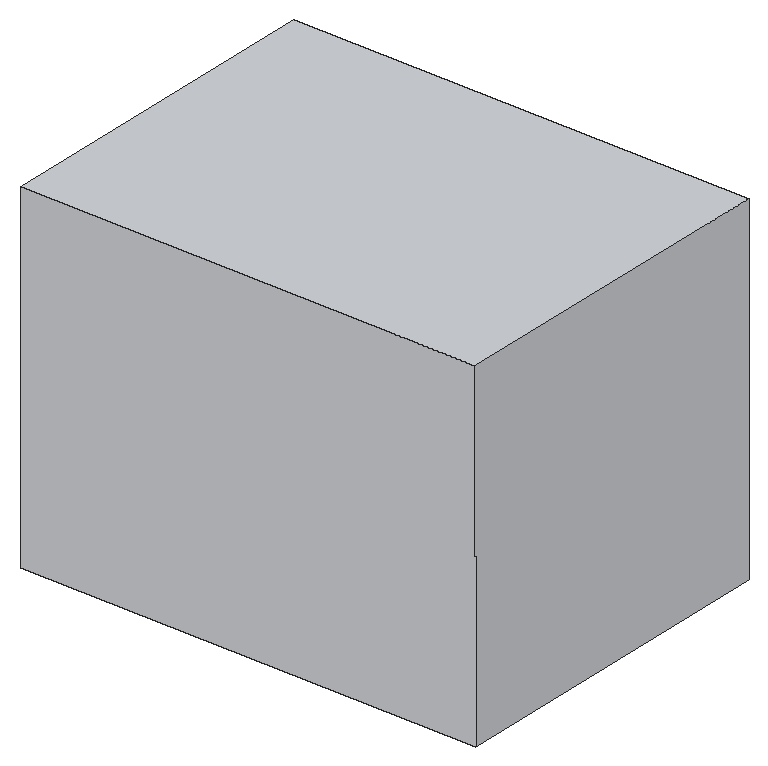
Revit family "M_Encaixe de duto retangular", category Conexões de duto, Revit 2019
Family settings
  Cota do conector redondo = Utilizar diâmetro
  Tipo de parte = Derivação - Ajustável
  Número OmniClass = 23.75.70.14
  Título OmniClass = Air Ductwork
  ID de item do Seek = Rectangular Takeoff-0000-CAN-ENU
  Com base no plano de trabalho = Não
  Sempre na vertical = Sim
  Corte com vazios quando carregada = Não
  Compartilhado = Não
Parameters (values of type "Padrão")
  Largura do duto 2 [instance] = 304.8 mm
  Largura do duto 1 [instance] = Largura do duto 2  # 304.8 mm
  built-in parameter 1114215 [instance] = if(Largura do duto 2 > 406.4 mm, Largura do duto 2 * Multiplicador de comprimento, 101.6 mm)  # 0.33333 (stored number, unit not read)
  Multiplicador de comprimento [instance] = 0.25
  Altura do duto 2 [instance] = 304.8 mm
  Altura do duto 1 [instance] = Altura do duto 2  # 304.8 mm
  built-in parameter 1114214 [instance] = 304.8 mm
  built-in parameter 1114213 [instance] = 101.6 mm
  Assembly Code = ""
Reference planes
  plane 1 "Centro (Frente/Trás)": y = 0
  plane 2: z = 0
  plane 3 "Centro (Esquerda/Direita)": x = 0
  plane 4: x = 101.6
  plane 5: x = -304.8
  plane 6: z = 152.4
  plane 7: z = -152.4
  plane 8: y = -152.4
  plane 9: y = 152.4
Forms (mm)
  Blend 1, solid, detail levels medium+fine
    base sketch origin (0, 0, 0) x (0, 1, 0) y (0, 0, 1)
      loop
        line (-152.4, 152.4) -> (-152.4, -152.4) -> (152.4, -152.4) -> (152.4, 152.4) -> (-152.4, 152.4)
    top sketch origin (0, 0, 0) x (0, 1, 0) y (0, 0, 1)
      loop
        line (-152.4, 152.4) -> (-152.4, -152.4) -> (152.4, -152.4) -> (152.4, 152.4) -> (-152.4, 152.4)
    from 0 to 101.6
  Sweep 2, solid, detail levels medium+fine
    path in 3D
      loop
        line (-304.8, 0, 0) -> (0, 0, 0)
    profile "M_Duto - Retangular : Duto - Retangular" origin (-152.4, 0, 0) x (0, 1, 0) y (0, 0, 1)
      loop
        line (-152.4, 152.4) -> (-152.4, -152.4) -> (152.4, -152.4) -> (152.4, 152.4) -> (-152.4, 152.4)
Cuts and joins
  joined: Blend 1, Sweep 2
Lines and regions (mm)
  model lines, style "DuctFitting", not visible, detail levels coarse
    curve 1: line (0, 0, 0) -> (101.6, 0, 0)
  reference lines
    curve 2: line (-304.8, 0, 0) -> (0, 0, 0)
  sketch lines
    curve 3: line (-304.8, 0, 0) -> (0, 0, 0)
Dimensions and locks
  "built-in parameter 1114213": plane 3 "Centro (Esquerda/Direita)" to plane 4
  "built-in parameter 1114214": plane 5 to plane 3 "Centro (Esquerda/Direita)"
  equal spacing: plane 6, level, plane 7
  equal spacing: plane 9, plane 1 "Centro (Frente/Trás)", plane 8
  "Largura do duto 1": plane 9 to plane 8
  "Altura do duto 1": plane 6 to plane 7
  aligned and locked: plane 3 "Centro (Esquerda/Direita)" to curve 1
  aligned and locked: plane 1 "Centro (Frente/Trás)" to curve 1
  aligned and locked: plane 4 to Blend 1
  aligned and locked: Blend 1 to plane 3 "Centro (Esquerda/Direita)"
  aligned and locked: plane 3 "Centro (Esquerda/Direita)" to curve 2
  aligned and locked: plane 5 to curve 2
  aligned and locked: plane 1 "Centro (Frente/Trás)" to curve 2
  aligned and locked: plane 6 to Blend 1 sketch curve  (x2)
  aligned and locked: plane 8 to Blend 1 sketch curve  (x2)
  aligned and locked: Blend 1 sketch curve to plane 7  (x2)
  aligned and locked: Blend 1 sketch curve to plane 9  (x2)
Automatic sketch dimensions
  curve 1 to plane 4 = 0 mm
Connectors
  hvac at (0, 0, 0), driven by "Altura do duto 1", driven by "Largura do duto 1"
    settings: on plane 3 "Centro (Esquerda/Direita)", index 0, duct flow 0.0 L/s, flow factor 0, pres drop 0.0 Pa, loss coef 0, conn angle 0.00°, conn width 304.8 mm, conn height 304.8 mm, conn diameter 609.6 mm, duct sys type 28, conn prof type 1, flow config 0, flow direction 0, loss method 0, conn ref index 1, conn util no, is conn primary yes, conn desc ""
  hvac at (101.6, 0, 0), driven by "Altura do duto 2", driven by "Largura do duto 2"
    settings: on Blend 1, index 1, duct flow 0.0 L/s, flow factor 0, pres drop 0.0 Pa, loss coef 0, conn angle 0.00°, conn width 304.8 mm, conn height 304.8 mm, conn diameter 609.6 mm, duct sys type 28, conn prof type 1, flow config 0, flow direction 0, loss method 0, conn ref index 0, conn util no, is conn primary no, conn desc ""
